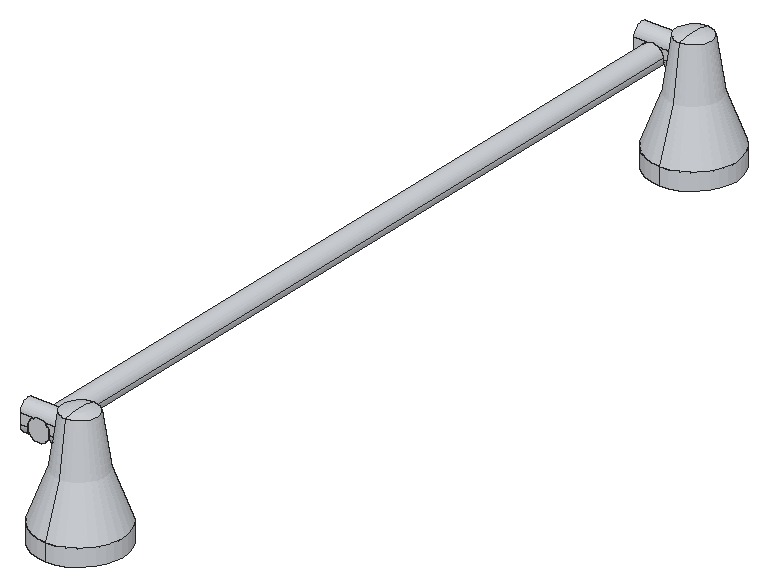
Revit family "BL-2507-11 TOALLERO BARRA CONTEMPRA", category Plumbing Fixtures, host Face, Revit 2018
Family settings
  Host = Face
  Round Connector Dimension = Use Diameter
  Part Type = Normal
  OmniClass Number = 23.31.11.00
  Cut with Voids When Loaded = No
  Shared = No
  Room Calculation Point = No
Parameters (values of type "BL-2507-11")
  Waste Water Outlet = ""
  Plastico ABS cromado = Plastico - ABS Cromado
  Link Ficha Tecnica = "http://infotecnica.gricol.com/FT_BL250711.pdf"
  Waste Connection = 1 = 0  # no
  Vent Connection = 1 = 0  # no
  URL = "https://www.gricol.com/"
  Type Image = <None>
  Product Name = "TOALLERO BARRA CONTEMPRA"  # constant formula
  Ancho = 450.0 mm
  Alto soporte = 70.0 mm
  Diametro base = 50.0 mm
  Model = "BL-2507-11"  # constant formula
  Manufacturer = "Gricol"  # constant formula
  HW Connection = 1 = 1  # yes
  Description = "Toallero"  # constant formula
  Default Elevation = 0.0 mm
  Date Modified = ""
  Date Created = "05/28/2020"  # constant formula
  Copyright = "All rights reserved © Gricol - 2020."  # constant formula
  CW Connection = 1 = 1  # yes
  Assembly Code = ""
Reference planes
  plane 1 "Center (Front/Back)": y = 0
  plane 2: z = 0
  plane 3 "Center (Left/Right)": x = 0
  plane 4: y = 25
  plane 5: y = -25
  plane 6: z = 70
  plane 7: y = -450
  plane 8: x = -12.035
Dimensions and locks
  "Diametro base": plane 5 to plane 4
  "Alto soporte": plane 6 to level
  plane 6 to level = 70.0 mm
  "Ancho": plane 7 to nested 1
  aligned and locked: plane 2 to host face
  aligned and locked: level to host face
Automatic sketch dimensions
  host sketch curve to host sketch curve = 214.489 mm
  host sketch curve to host sketch curve = 601.556 mm
Nested families
  nested 1: "TOALLERO BARRA CONTEMPRA" at (0, 0, 0) x (0, 1, 0) z (0, 0, 1), type "TOALLERO BARRA CONTEMPRA"
Definition of nested family "TOALLERO BARRA CONTEMPRA"
  Reference planes
    plane 1 "Center (Front/Back)": y = 0
    plane 2: z = 0
    plane 3 "Center (Left/Right)": x = 0
    plane 4: z = 70
    plane 5: x = -450
    plane 6: y = 12.035
    plane 7: y = 82.035
  Forms (mm)
    Extrusion 1, solid
      sketch origin (-121.749, 0, 64.151) x (-1, 0, 0) y (0, -1, 0)
        loop
          circle (-121.749, 0) r 25
      from -64.151 to -54.151
    Revolve 2, solid
      sketch origin (-1300, 0, 0) x (1, 0, 0) y (0, 0, 1)
        loop
          line (1300, 70.003) -> (1300, 10) -> (1325, 10)
          arc (1325, 10) -> (1314.548, 38.421) -> (1310.077, 68.371) r 148.541
          arc (1310.077, 68.371) -> (1305.105, 69.598) -> (1300, 70.003) r 31.46
        axis (1300, 10) -> (1300, 70.003)
      angle from 0 to 360
    Extrusion 3, solid
      sketch origin (2.085, 0, 0.625) x (1, 0, 0) y (0, 0, 1)
        loop
          line (3.729, 52.352) -> (3.729, 58.218)
          arc (3.729, 58.218) -> (-2.085, 64.032) -> (-7.9, 58.218) r 5.814
          line (-7.9, 58.218) -> (-7.9, 52.352)
          arc (-7.9, 52.352) -> (-2.085, 46.537) -> (3.729, 52.352) r 5.814
      from 0 to -30.376
    Extrusion 4, solid
      sketch origin (-571.749, 0, 64.151) x (-1, 0, 0) y (0, -1, 0)
        loop
          circle (-121.749, 0) r 25
      from -64.151 to -54.151
    Revolve 5, solid
      sketch origin (-1750, 0, 0) x (1, 0, 0) y (0, 0, 1)
        loop
          line (1300, 70.003) -> (1300, 10) -> (1325, 10)
          arc (1325, 10) -> (1314.548, 38.421) -> (1310.077, 68.371) r 148.541
          arc (1310.077, 68.371) -> (1305.105, 69.598) -> (1300, 70.003) r 31.46
        axis (1300, 10) -> (1300, 70.003)
      angle from 0 to 360
    Extrusion 6, solid
      sketch origin (-447.915, 0, 0.625) x (1, 0, 0) y (0, 0, 1)
        loop
          line (3.729, 52.352) -> (3.729, 58.218)
          arc (3.729, 58.218) -> (-2.085, 64.032) -> (-7.9, 58.218) r 5.814
          line (-7.9, 58.218) -> (-7.9, 52.352)
          arc (-7.9, 52.352) -> (-2.085, 46.537) -> (3.729, 52.352) r 5.814
      from 0 to -30.376
    Extrusion 7, solid
      sketch origin (0, -1.562, 0) x (0, 1, 0) y (0, 0, 1)
        loop
          circle (21.248, 53.411) r 6.266
      from 5.814 to -455.814
    Extrusion 8, void
      sketch origin (0, 0, 0) x (0, 1, 0) y (0, 0, 1)
        loop
          arc (26.108, 53.501) -> (19.713, 59.896) -> (13.318, 53.501) r 6.395
          line (13.318, 53.501) -> (13.318, 46.153) -> (26.108, 46.153) -> (26.108, 53.501)
      from 10.601 to -10.048
    Extrusion 9, void
      sketch origin (-449.952, -0.014, 0) x (0, 1, 0) y (0, 0, 1)
        loop
          arc (26.108, 53.501) -> (19.713, 59.896) -> (13.318, 53.501) r 6.395
          line (13.318, 53.501) -> (13.318, 46.153) -> (26.108, 46.153) -> (26.108, 53.501)
      from 10.601 to -10.048
  Cuts and joins
    Extrusion 9 cuts Revolve 2
    Extrusion 8, Extrusion 9 cuts Extrusion 3
    joined: Revolve 2, Extrusion 3
    Extrusion 9 cuts Extrusion 6
  Dimensions and locks
    level to plane 4 = 70.0 mm
    plane 4 to level = 70.0 mm
    plane 5 to plane 3 "Center (Left/Right)" = 450.0 mm
    plane 7 to plane 6 = 70.0 mm
    aligned and locked: level to plane 2
